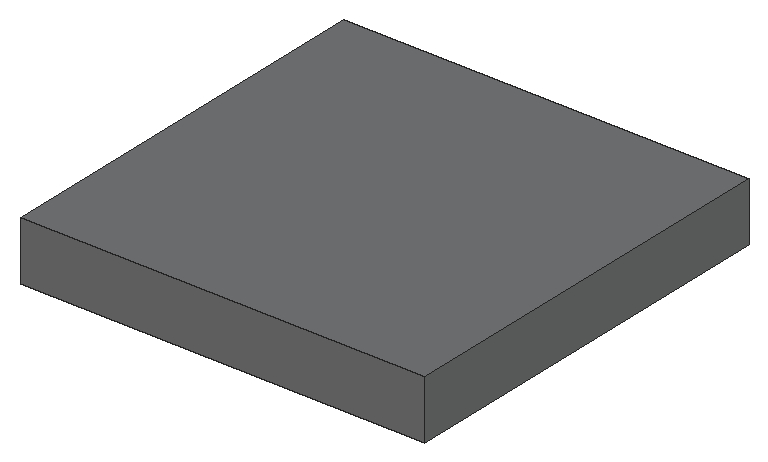
Revit family "Gira_536127", category Electrical Fixtures, host Face, Revit 2017
Family settings
  Host = Face
  Maintain Annotation Orientation = No
  Round Connector Dimension = Use Diameter
  Part Type = Normal
  Cut with Voids When Loaded = No
  Shared = No
  Room Calculation Point = No
Parameters (values of type "S3000 op.top arrow symbols System 55 p.white m")
  With LED indication = "No"
  URL = "http://katalog.gira.de/en/datenblatt.html?artikelnr=536127"
  Transparent = "No"
  Suitable for application with venetian shutter switch = "Yes"
  Suitable for application with switch = "No"
  Suitable for application with dimmer = "No"
  Number of actuation points = "2"
  Name = "S3000 op.top arrow symbols System 55 p.white m"
  Manufacturer URL = "https://www.gira.de/"
  Manufacturer = "Gira"
  Keynote = ""
  HeinzeBIM = "https://bimportal.heinze.de/bim/s3000-op-top-arrow-symbols-system-55-p-white-m/8eb6f3db65fcc279424997e5e6d9360ff6418f27"
  HAN = "536127"
  GTIN = "4010337027300"
  Description = "S3000 op.top arrows Sys55 PWm,System 3000 operating top unit arrow symbols,,pure white matt,"
  Default Elevation = 1219.2 mm
  Data sheet (1) = "https://katalog.gira.de/en/download.html?artikelnr=536127"
  Category = "Intelligent control element"
  BIM (1) = "https://media.stage.bim.site/public/gira/36a6b08/Sys55_Abdeckung_Schalten und Tasten.rfa?public/gira/36a6b08/Sys55_Abdeckung_Schalten und Tasten.rfa"
  Available = "No"
  Application = "Control of electrical users"
  Anthrazit [instance] = Anthrazit
Reference planes
  plane 1 "Center (Front/Back)": y = 0
  plane 2: z = 0
  plane 3 "Center (Left/Right)": x = 0
Forms (mm)
  Extrusion 1, solid, material "Anthrazit" <- "Anthrazit", detail levels fine
    sketch origin (0, 0, 0) x (1, 0, 0) y (0, 1, 0)
      loop
        line (-27.5, 27.5) -> (-27.5, -27.5) -> (27.5, -27.5) -> (27.5, 27.5) -> (-27.5, 27.5)
    from 0 to 8
  Extrusion 2, void
    sketch origin (0, 0, 0) x (1, 0, 0) y (0, 1, 0)
      loop
        line (26, 26) -> (-26, 26) -> (-26, -26) -> (26, -26) -> (26, 26)
    from 0 to 6
  Extrusion 3, solid, material "Anthrazit" <- "Anthrazit", detail levels medium
    sketch origin (0, 0, 0) x (1, 0, 0) y (0, 1, 0)
      loop
        line (-27.5, 27.5) -> (-27.5, -27.5) -> (27.5, -27.5) -> (27.5, 27.5) -> (-27.5, 27.5)
    from 0 to 8
  Extrusion 4, solid, material "Anthrazit" <- "Anthrazit", detail levels medium
    sketch origin (0, 0, 0) x (1, 0, 0) y (0, 1, 0)
      loop
        line (11, -17.5) -> (11, 17.5) -> (-11, 17.5) -> (-11, -17.5) -> (11, -17.5)
    from -6 to 6
  Extrusion 5, solid, material "Anthrazit" <- "Anthrazit", detail levels fine
    sketch origin (0, 0, 0) x (1, 0, 0) y (0, 1, 0)
      loop
        line (11, 17.5) -> (-11, 17.5) -> (-11, 16.5) -> (11, 16.5) -> (11, 17.5)
      loop
        line (-11, -16.5) -> (-11, -17.5) -> (11, -17.5) -> (11, -16.5) -> (-11, -16.5)
    from -4 to 6
  Extrusion 6, solid, material "Anthrazit" <- "Anthrazit", detail levels fine
    sketch origin (0, 0, 0) x (1, 0, 0) y (0, 1, 0)
      loop
        arc (5, 9.347) -> (0, 10.6) -> (-5, 9.347) r 10.6
        line (-5, 9.347) -> (-5, -9.347)
        arc (-5, -9.347) -> (0, -10.6) -> (5, -9.347) r 10.6
        line (5, -9.347) -> (5, 9.347)
    from -6 to 6
  Extrusion 7, solid, material "Anthrazit" <- "Anthrazit", detail levels coarse
    sketch origin (0, 0, 0) x (1, 0, 0) y (0, 1, 0)
      loop
        line (-27.5, 27.5) -> (-27.5, -27.5) -> (27.5, -27.5) -> (27.5, 27.5) -> (-27.5, 27.5)
    from -6 to 8
Cuts and joins
  Extrusion 2 cuts Extrusion 1
Dimensions and locks
  aligned and locked: plane 2 to host face
  aligned and locked: level to host face
